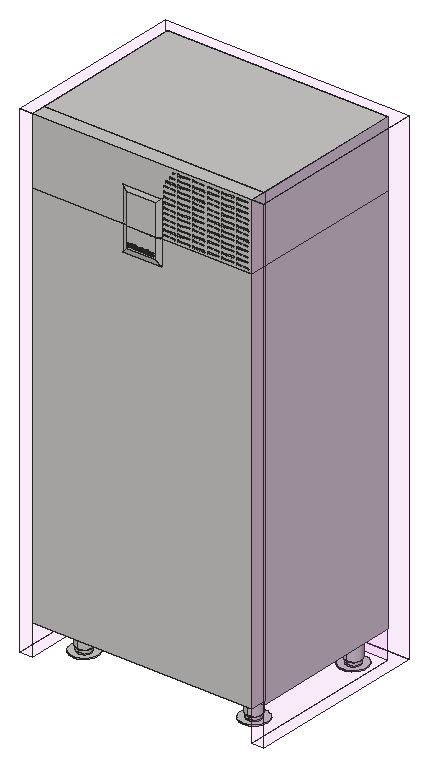
Revit family "QF_ELECTROLUXPROFESSIONAL_691364_PS06R1FM", category Specialty Equipment, Revit 2018
Family settings
  Round Connector Dimension = Use Diameter
  Part Type = Normal
  Work Plane-Based = No
  Always vertical = Yes
  Cut with Voids When Loaded = No
  Shared = No
  Room Calculation Point = No
Parameters (values of type "Standard")
  Weight = 28.8044 lbm
  Watts = 0 W
  Volts = 220 V
  URL Manufacturer = "http://professional.electrolux.com"
  URL = "http://professional.electrolux.com"
  Steam Supply Size = 0"
  Steam Supply Minimum Pressure = 0.00 psi
  Steam Supply Maximum Pressure = 0.00 psi
  Steam Pounds per Hour = 0
  Show Clearance [instance] = yes
  Refrigeration Suction Line Size = 0"
  Refrigeration Liquid Line Size = 0"
  Refrigerant Compressor Remote = yes
  Phase = 1
  Model = "PS06R1FM"
  Manufacturer = "Electrolux Professional"
  Length Actual = 900 mm  # constant formula
  Item Number = "691364"
  Hot Water Size = 0"
  Height Actual = 2040 mm  # constant formula
  HP = "0.4 HP"
  Gas Size = 0"
  Gas KW = 0
  Gas Input Pressure = 0.0 Btu/h
  Direct Waste Size = 0"
  Description = "1-DOOR REFRIGERATOR 720LT,0/+10°, PROSTORE MARINE-R134a"
  Depth Actual = 700 mm  # constant formula
  Cycle = 50 Hz
  Condensate Return Size = 0"
  Compressed Air Volume = 0 GPM
  Compressed Air Size = 0"
  Compressed Air Pressure = 0.00 psi
  Cold Water Size = 0"
  Accessory = yes
Types (2, lengths in mm): name | URL | Phase | Model | Manufacturer | Description
  (no name) | "http://professional.electrolux.com/" | 0 | "RBC201" | "Electrolux" | "BLAST CHILLER 56 KG 20 GN1/1"
  Standard | "http://professional.electrolux.com" | 1 | "PS06R1FM" | "Electrolux Professional" | "1-DOOR REFRIGERATOR 720LT,0/+10°, PROSTORE MARINE-R134a"
Values of the unnamed type that differ from the named types
  Volts = 380 V
  URL Manufacturer = "http://professional.electrolux.com/"
  Item Number = "726624"
Reference planes
  plane 1 "BACK": y = 0
  plane 2: z = 0
  plane 3 "LEFT": x = 0
  plane 4 "RIGHT": x = 900
  plane 5 "FRONT": y = -700
  plane 6 "TOP": z = 2040
  plane 7 "Center Y": x = 450
  plane 8 "Center X": y = -350
  plane 9: x = 102
  plane 10: x = 798
  plane 11: z = 115
  plane 12: z = 86
  plane 13: y = -80
  plane 14: y = -694
  plane 15: y = -1527
  plane 16: y = -630
  plane 17: z = 1770
  plane 18: x = -50
  plane 19: y = 50
  plane 20: x = 950
  plane 21: z = 1995
Forms (mm)
  Extrusion 1, solid, material "QF_Metal - Stainless - Polished"
    sketch origin (0, 0, 0) x (1, 0, 0) y (0, 0, 1)
      loop
        line (0, 1995) -> (0, 1725) -> (900, 1725) -> (900, 1995) -> (0, 1995)
    from 0 to 630
  Extrusion 2, solid, material "QF_Metal - Stainless - Polished"
    sketch origin (0, 0, 0) x (1, 0, 0) y (0, 0, 1)
      loop
        line (0, 1725) -> (0, 115) -> (900, 115) -> (900, 1725) -> (0, 1725)
    from 0 to 630
  Extrusion 3, solid, material "QF_Metal - Stainless - Polished"
    sketch origin (-370, 0, -128) x (1, 0, 0) y (0, 0, 1)
      loop
        circle (450, 1847.083) r 20
    from -7.507 to 0
  Extrusion 4, solid, material "QF_Door-Drawer Clearances", visible <- "Show Clearance", detail levels coarse
    sketch origin (0, 0, 0) x (1, 0, 0) y (0, 1, 0)
      loop
        line (900, -694) -> (0, -694)
        arc (0, -694) -> (275.209, -1299.35) -> (900, -1527) r 859.201
        line (900, -1527) -> (900, -694)
    from 127.536 to 1725
  Extrusion 5, solid, material "QF_Metal - Stainless - Polished"
    sketch origin (0, 130.478, -45) x (1, 0, 0) y (0, 0, 1)
      loop
        line (0, 2040) -> (0, 1770) -> (900, 1770) -> (900, 2040) -> (0, 2040)
    from 760.478 to 824.478
  Extrusion 6, solid, material "QF_Metal - Stainless - Polished"
    sketch origin (0, 140, 0) x (1, 0, 0) y (0, 0, 1)
      loop
        line (0, 1725) -> (0, 127.536) -> (900, 127.536) -> (900, 1725) -> (0, 1725)
    from 834 to 770
  Revolve 7, solid, material "QF_Metal - Stainless - Polished"
    sketch origin (798, -2.833, 0) x (0, 1, 0) y (0, 0, -1)
      loop
        line (-590.954, -115) -> (-553.167, -115) -> (-553.167, 0) -> (-578.757, 0)
        arc (-578.757, 0) -> (-580.973, -2.655) -> (-581.767, -6.021) r 7.527
        line (-581.767, -6.021) -> (-581.767, -17.561) -> (-585.28, -21.074) -> (-585.28, -110.008) -> (-590.954, -110.008) -> (-590.954, -115)
      axis (-553.167, 0) -> (-553.167, -115)
    angle from 0 to 360
  Revolve 8, solid, material "QF_Metal - Stainless - Polished"
    sketch origin (102, -2.833, 0) x (0, 1, 0) y (0, 0, 1)
      loop
        line (-590.954, 115) -> (-590.954, 110.008) -> (-585.28, 110.008) -> (-585.28, 21.074) -> (-581.767, 17.561) -> (-581.767, 6.021)
        arc (-581.767, 6.021) -> (-580.973, 2.655) -> (-578.757, 0) r 7.527
        line (-578.757, 0) -> (-553.167, 0) -> (-553.167, 115) -> (-590.954, 115)
      axis (-553.167, 0) -> (-553.167, 115)
    angle from 0 to 360
  Revolve 9, solid, material "QF_Metal - Stainless - Polished"
    sketch origin (824, -759.167, 0) x (0, -1, 0) y (0, 0, 1)
      loop
        line (-716.954, 115) -> (-716.954, 110.008) -> (-711.28, 110.008) -> (-711.28, 21.074) -> (-707.767, 17.561) -> (-707.767, 6.021)
        arc (-707.767, 6.021) -> (-706.973, 2.655) -> (-704.757, 0) r 7.527
        line (-704.757, 0) -> (-679.167, 0) -> (-679.167, 115) -> (-716.954, 115)
      axis (-679.167, 0) -> (-679.167, 115)
    angle from 0 to 360
  Revolve 10, solid, material "QF_Metal - Stainless - Polished"
    sketch origin (76, -759.167, 0) x (0, -1, 0) y (0, 0, 1)
      loop
        line (-716.954, 115) -> (-716.954, 110.008) -> (-711.28, 110.008) -> (-711.28, 21.074) -> (-707.767, 17.561) -> (-707.767, 6.021)
        arc (-707.767, 6.021) -> (-706.973, 2.655) -> (-704.757, 0) r 7.527
        line (-704.757, 0) -> (-679.167, 0) -> (-679.167, 115) -> (-716.954, 115)
      axis (-679.167, 0) -> (-679.167, 115)
    angle from 0 to 360
  Blend 11, solid, material "QF_Metal - Stainless - Polished"
    base sketch origin (0, -694, 0) x (1, 0, 0) y (0, 0, 1)
      loop
        line (370, 1869.822) -> (370, 1619.822) -> (530, 1619.822) -> (530, 1869.822) -> (370, 1869.822)
    top sketch origin (0, -694, 0) x (1, 0, 0) y (0, 0, 1)
      loop
        line (510, 1849.822) -> (390, 1849.822) -> (390, 1639.822) -> (510, 1639.822) -> (510, 1849.822)
    from 0 to 6
  Extrusion 12, void
    sketch origin (10, -700, 0) x (-1, 0, 0) y (0, 0, 1)
      loop
        line (-370, 1725.997) -> (-530, 1725.997) -> (-530, 1724.003) -> (-370, 1724.003) -> (-370, 1725.997)
    from 0 to 6
  Extrusion 13, solid, material "QF_Door-Drawer Clearances"
    sketch origin (0, 0, 0) x (1, 0, 0) y (0, 1, 0)
      loop
        line (0, -694) -> (0, 0) -> (900, 0) -> (900, -694) -> (950, -694) -> (950, 50) -> (-50, 50) -> (-50, -694) -> (0, -694)
    from 0 to 1995
  Extrusion 14, solid, material "QF_Metal - Stainless - Polished"
    sketch origin (102, -556, 0) x (0, -1, 0) y (-1, 0, 0)
      loop
        circle (0, 0) r 55.59
    from 0 to -1.917
  Extrusion 15, solid, material "QF_Metal - Stainless - Polished"
    sketch origin (76, -80, 0) x (0, -1, 0) y (-1, 0, 0)
      loop
        circle (0, 0) r 55.59
    from 0 to -1.917
  Extrusion 16, solid, material "QF_Metal - Stainless - Polished"
    sketch origin (798, -556, 0) x (0, 1, 0) y (1, 0, 0)
      loop
        circle (0, 0) r 55.59
    from 0 to -1.917
  Extrusion 17, solid, material "QF_Metal - Stainless - Polished"
    sketch origin (824, -80, 0) x (0, 1, 0) y (1, 0, 0)
      loop
        circle (0, 0) r 55.59
    from 0 to -1.917
  Extrusion 18, void
    sketch origin (-140, -700, 0) x (-1, 0, 0) y (0, 0, 1)
      loop
        line (-370, 1725.997) -> (-530, 1725.997) -> (-530, 1724.003) -> (-370, 1724.003) -> (-370, 1725.997)
    from 0 to 6
  Extrusion 19, void
    sketch origin (300, -694, -45) x (-1, 0, 0) y (0, 0, 1)
      loop
        line (-537.804, 1788.817) -> (-587.804, 1788.817) -> (-587.804, 1780.817) -> (-537.804, 1780.817) -> (-537.804, 1788.817)
      loop
        line (-477.804, 1788.817) -> (-527.804, 1788.817) -> (-527.804, 1780.817) -> (-477.804, 1780.817) -> (-477.804, 1788.817)
      loop
        line (-417.804, 1788.817) -> (-467.804, 1788.817) -> (-467.804, 1780.817) -> (-417.804, 1780.817) -> (-417.804, 1788.817)
    from 0 to 2
  Extrusion 20, void
    sketch origin (300, -694, 195) x (-1, 0, 0) y (0, 0, 1)
      loop
        line (-537.804, 1788.817) -> (-587.804, 1788.817) -> (-587.804, 1780.817) -> (-537.804, 1780.817) -> (-537.804, 1788.817)
      loop
        line (-477.804, 1788.817) -> (-527.804, 1788.817) -> (-527.804, 1780.817) -> (-477.804, 1780.817) -> (-477.804, 1788.817)
      loop
        line (-417.804, 1788.817) -> (-467.804, 1788.817) -> (-467.804, 1780.817) -> (-417.804, 1780.817) -> (-417.804, 1788.817)
    from 0 to 2
  Extrusion 21, void
    sketch origin (300, -694, -25) x (-1, 0, 0) y (0, 0, 1)
      loop
        line (-537.804, 1788.817) -> (-587.804, 1788.817) -> (-587.804, 1780.817) -> (-537.804, 1780.817) -> (-537.804, 1788.817)
      loop
        line (-477.804, 1788.817) -> (-527.804, 1788.817) -> (-527.804, 1780.817) -> (-477.804, 1780.817) -> (-477.804, 1788.817)
      loop
        line (-417.804, 1788.817) -> (-467.804, 1788.817) -> (-467.804, 1780.817) -> (-417.804, 1780.817) -> (-417.804, 1788.817)
    from 0 to 2
  Extrusion 22, void
    sketch origin (300, -694, -5) x (-1, 0, 0) y (0, 0, 1)
      loop
        line (-537.804, 1788.817) -> (-587.804, 1788.817) -> (-587.804, 1780.817) -> (-537.804, 1780.817) -> (-537.804, 1788.817)
      loop
        line (-477.804, 1788.817) -> (-527.804, 1788.817) -> (-527.804, 1780.817) -> (-477.804, 1780.817) -> (-477.804, 1788.817)
      loop
        line (-417.804, 1788.817) -> (-467.804, 1788.817) -> (-467.804, 1780.817) -> (-417.804, 1780.817) -> (-417.804, 1788.817)
    from 0 to 2
  Extrusion 23, void
    sketch origin (300, -694, 15) x (-1, 0, 0) y (0, 0, 1)
      loop
        line (-537.804, 1788.817) -> (-587.804, 1788.817) -> (-587.804, 1780.817) -> (-537.804, 1780.817) -> (-537.804, 1788.817)
      loop
        line (-477.804, 1788.817) -> (-527.804, 1788.817) -> (-527.804, 1780.817) -> (-477.804, 1780.817) -> (-477.804, 1788.817)
      loop
        line (-417.804, 1788.817) -> (-467.804, 1788.817) -> (-467.804, 1780.817) -> (-417.804, 1780.817) -> (-417.804, 1788.817)
    from 0 to 2
  Extrusion 24, void
    sketch origin (300, -694, 35) x (-1, 0, 0) y (0, 0, 1)
      loop
        line (-537.804, 1788.817) -> (-587.804, 1788.817) -> (-587.804, 1780.817) -> (-537.804, 1780.817) -> (-537.804, 1788.817)
      loop
        line (-477.804, 1788.817) -> (-527.804, 1788.817) -> (-527.804, 1780.817) -> (-477.804, 1780.817) -> (-477.804, 1788.817)
      loop
        line (-417.804, 1788.817) -> (-467.804, 1788.817) -> (-467.804, 1780.817) -> (-417.804, 1780.817) -> (-417.804, 1788.817)
    from 0 to 2
  Extrusion 25, void
    sketch origin (300, -694, 55) x (-1, 0, 0) y (0, 0, 1)
      loop
        line (-537.804, 1788.817) -> (-587.804, 1788.817) -> (-587.804, 1780.817) -> (-537.804, 1780.817) -> (-537.804, 1788.817)
      loop
        line (-477.804, 1788.817) -> (-527.804, 1788.817) -> (-527.804, 1780.817) -> (-477.804, 1780.817) -> (-477.804, 1788.817)
      loop
        line (-417.804, 1788.817) -> (-467.804, 1788.817) -> (-467.804, 1780.817) -> (-417.804, 1780.817) -> (-417.804, 1788.817)
    from 0 to 2
  Extrusion 26, void
    sketch origin (300, -694, 75) x (-1, 0, 0) y (0, 0, 1)
      loop
        line (-537.804, 1788.817) -> (-587.804, 1788.817) -> (-587.804, 1780.817) -> (-537.804, 1780.817) -> (-537.804, 1788.817)
      loop
        line (-477.804, 1788.817) -> (-527.804, 1788.817) -> (-527.804, 1780.817) -> (-477.804, 1780.817) -> (-477.804, 1788.817)
      loop
        line (-417.804, 1788.817) -> (-467.804, 1788.817) -> (-467.804, 1780.817) -> (-417.804, 1780.817) -> (-417.804, 1788.817)
    from 0 to 2
  Extrusion 27, void
    sketch origin (300, -694, 95) x (-1, 0, 0) y (0, 0, 1)
      loop
        line (-537.804, 1788.817) -> (-587.804, 1788.817) -> (-587.804, 1780.817) -> (-537.804, 1780.817) -> (-537.804, 1788.817)
      loop
        line (-477.804, 1788.817) -> (-527.804, 1788.817) -> (-527.804, 1780.817) -> (-477.804, 1780.817) -> (-477.804, 1788.817)
      loop
        line (-417.804, 1788.817) -> (-467.804, 1788.817) -> (-467.804, 1780.817) -> (-417.804, 1780.817) -> (-417.804, 1788.817)
    from 0 to 2
  Extrusion 28, void
    sketch origin (300, -694, 115) x (-1, 0, 0) y (0, 0, 1)
      loop
        line (-537.804, 1788.817) -> (-587.804, 1788.817) -> (-587.804, 1780.817) -> (-537.804, 1780.817) -> (-537.804, 1788.817)
      loop
        line (-477.804, 1788.817) -> (-527.804, 1788.817) -> (-527.804, 1780.817) -> (-477.804, 1780.817) -> (-477.804, 1788.817)
      loop
        line (-417.804, 1788.817) -> (-467.804, 1788.817) -> (-467.804, 1780.817) -> (-417.804, 1780.817) -> (-417.804, 1788.817)
    from 0 to 2
  Extrusion 29, void
    sketch origin (300, -694, 135) x (-1, 0, 0) y (0, 0, 1)
      loop
        line (-537.804, 1788.817) -> (-587.804, 1788.817) -> (-587.804, 1780.817) -> (-537.804, 1780.817) -> (-537.804, 1788.817)
      loop
        line (-477.804, 1788.817) -> (-527.804, 1788.817) -> (-527.804, 1780.817) -> (-477.804, 1780.817) -> (-477.804, 1788.817)
      loop
        line (-417.804, 1788.817) -> (-467.804, 1788.817) -> (-467.804, 1780.817) -> (-417.804, 1780.817) -> (-417.804, 1788.817)
    from 0 to 2
  Extrusion 30, void
    sketch origin (300, -694, 155) x (-1, 0, 0) y (0, 0, 1)
      loop
        line (-537.804, 1788.817) -> (-587.804, 1788.817) -> (-587.804, 1780.817) -> (-537.804, 1780.817) -> (-537.804, 1788.817)
      loop
        line (-477.804, 1788.817) -> (-527.804, 1788.817) -> (-527.804, 1780.817) -> (-477.804, 1780.817) -> (-477.804, 1788.817)
      loop
        line (-417.804, 1788.817) -> (-467.804, 1788.817) -> (-467.804, 1780.817) -> (-417.804, 1780.817) -> (-417.804, 1788.817)
    from 0 to 2
  Extrusion 31, void
    sketch origin (300, -694, 175) x (-1, 0, 0) y (0, 0, 1)
      loop
        line (-537.804, 1788.817) -> (-587.804, 1788.817) -> (-587.804, 1780.817) -> (-537.804, 1780.817) -> (-537.804, 1788.817)
      loop
        line (-477.804, 1788.817) -> (-527.804, 1788.817) -> (-527.804, 1780.817) -> (-477.804, 1780.817) -> (-477.804, 1788.817)
      loop
        line (-417.804, 1788.817) -> (-467.804, 1788.817) -> (-467.804, 1780.817) -> (-417.804, 1780.817) -> (-417.804, 1788.817)
    from 0 to 2
  Extrusion 32, void
    sketch origin (120, -694, -45) x (-1, 0, 0) y (0, 0, 1)
      loop
        line (-537.804, 1788.817) -> (-587.804, 1788.817) -> (-587.804, 1780.817) -> (-537.804, 1780.817) -> (-537.804, 1788.817)
      loop
        line (-477.804, 1788.817) -> (-527.804, 1788.817) -> (-527.804, 1780.817) -> (-477.804, 1780.817) -> (-477.804, 1788.817)
      loop
        line (-417.804, 1788.817) -> (-467.804, 1788.817) -> (-467.804, 1780.817) -> (-417.804, 1780.817) -> (-417.804, 1788.817)
    from 0 to 2
  Extrusion 33, void
    sketch origin (120, -694, 195) x (-1, 0, 0) y (0, 0, 1)
      loop
        line (-537.804, 1788.817) -> (-587.804, 1788.817) -> (-587.804, 1780.817) -> (-537.804, 1780.817) -> (-537.804, 1788.817)
      loop
        line (-477.804, 1788.817) -> (-527.804, 1788.817) -> (-527.804, 1780.817) -> (-477.804, 1780.817) -> (-477.804, 1788.817)
      loop
        line (-453.929, 1788.817) -> (-467.804, 1788.817) -> (-467.804, 1780.817) -> (-453.929, 1780.817) -> (-453.929, 1788.817)
    from 0 to 2
  Extrusion 34, void
    sketch origin (120, -694, -25) x (-1, 0, 0) y (0, 0, 1)
      loop
        line (-537.804, 1788.817) -> (-587.804, 1788.817) -> (-587.804, 1780.817) -> (-537.804, 1780.817) -> (-537.804, 1788.817)
      loop
        line (-477.804, 1788.817) -> (-527.804, 1788.817) -> (-527.804, 1780.817) -> (-477.804, 1780.817) -> (-477.804, 1788.817)
      loop
        line (-417.804, 1788.817) -> (-467.804, 1788.817) -> (-467.804, 1780.817) -> (-417.804, 1780.817) -> (-417.804, 1788.817)
    from 0 to 2
  Extrusion 35, void
    sketch origin (120, -694, -5) x (-1, 0, 0) y (0, 0, 1)
      loop
        line (-537.804, 1788.817) -> (-587.804, 1788.817) -> (-587.804, 1780.817) -> (-537.804, 1780.817) -> (-537.804, 1788.817)
      loop
        line (-477.804, 1788.817) -> (-527.804, 1788.817) -> (-527.804, 1780.817) -> (-477.804, 1780.817) -> (-477.804, 1788.817)
      loop
        line (-417.804, 1788.817) -> (-467.804, 1788.817) -> (-467.804, 1780.817) -> (-417.804, 1780.817) -> (-417.804, 1788.817)
    from 0 to 2
  Extrusion 36, void
    sketch origin (120, -694, 15) x (-1, 0, 0) y (0, 0, 1)
      loop
        line (-537.804, 1788.817) -> (-587.804, 1788.817) -> (-587.804, 1780.817) -> (-537.804, 1780.817) -> (-537.804, 1788.817)
      loop
        line (-477.804, 1788.817) -> (-527.804, 1788.817) -> (-527.804, 1780.817) -> (-477.804, 1780.817) -> (-477.804, 1788.817)
      loop
        line (-417.804, 1788.817) -> (-467.804, 1788.817) -> (-467.804, 1780.817) -> (-417.804, 1780.817) -> (-417.804, 1788.817)
    from 0 to 2
  Extrusion 37, void
    sketch origin (120, -694, 35) x (-1, 0, 0) y (0, 0, 1)
      loop
        line (-537.804, 1788.817) -> (-587.804, 1788.817) -> (-587.804, 1780.817) -> (-537.804, 1780.817) -> (-537.804, 1788.817)
      loop
        line (-477.804, 1788.817) -> (-527.804, 1788.817) -> (-527.804, 1780.817) -> (-477.804, 1780.817) -> (-477.804, 1788.817)
      loop
        line (-417.804, 1788.817) -> (-467.804, 1788.817) -> (-467.804, 1780.817) -> (-417.804, 1780.817) -> (-417.804, 1788.817)
    from 0 to 2
  Extrusion 38, void
    sketch origin (120, -694, 55) x (-1, 0, 0) y (0, 0, 1)
      loop
        line (-537.804, 1788.817) -> (-587.804, 1788.817) -> (-587.804, 1780.817) -> (-537.804, 1780.817) -> (-537.804, 1788.817)
      loop
        line (-477.804, 1788.817) -> (-527.804, 1788.817) -> (-527.804, 1780.817) -> (-477.804, 1780.817) -> (-477.804, 1788.817)
      loop
        line (-417.804, 1788.817) -> (-467.804, 1788.817) -> (-467.804, 1780.817) -> (-417.804, 1780.817) -> (-417.804, 1788.817)
    from 0 to 2
  Extrusion 39, void
    sketch origin (120, -694, 75) x (-1, 0, 0) y (0, 0, 1)
      loop
        line (-537.804, 1788.817) -> (-587.804, 1788.817) -> (-587.804, 1780.817) -> (-537.804, 1780.817) -> (-537.804, 1788.817)
      loop
        line (-477.804, 1788.817) -> (-527.804, 1788.817) -> (-527.804, 1780.817) -> (-477.804, 1780.817) -> (-477.804, 1788.817)
      loop
        line (-417.804, 1788.817) -> (-467.804, 1788.817) -> (-467.804, 1780.817) -> (-417.804, 1780.817) -> (-417.804, 1788.817)
    from 0 to 2
  Extrusion 40, void
    sketch origin (120, -694, 95) x (-1, 0, 0) y (0, 0, 1)
      loop
        line (-537.804, 1788.817) -> (-587.804, 1788.817) -> (-587.804, 1780.817) -> (-537.804, 1780.817) -> (-537.804, 1788.817)
      loop
        line (-477.804, 1788.817) -> (-527.804, 1788.817) -> (-527.804, 1780.817) -> (-477.804, 1780.817) -> (-477.804, 1788.817)
      loop
        line (-417.804, 1788.817) -> (-467.804, 1788.817) -> (-467.804, 1780.817) -> (-417.804, 1780.817) -> (-417.804, 1788.817)
    from 0 to 2
  Extrusion 41, void
    sketch origin (120, -694, 115) x (-1, 0, 0) y (0, 0, 1)
      loop
        line (-537.804, 1788.817) -> (-587.804, 1788.817) -> (-587.804, 1780.817) -> (-537.804, 1780.817) -> (-537.804, 1788.817)
      loop
        line (-477.804, 1788.817) -> (-527.804, 1788.817) -> (-527.804, 1780.817) -> (-477.804, 1780.817) -> (-477.804, 1788.817)
      loop
        line (-417.804, 1788.817) -> (-467.804, 1788.817) -> (-467.804, 1780.817) -> (-417.804, 1780.817) -> (-417.804, 1788.817)
    from 0 to 2
  Extrusion 42, void
    sketch origin (120, -694, 135) x (-1, 0, 0) y (0, 0, 1)
      loop
        line (-537.804, 1788.817) -> (-587.804, 1788.817) -> (-587.804, 1780.817) -> (-537.804, 1780.817) -> (-537.804, 1788.817)
      loop
        line (-477.804, 1788.817) -> (-527.804, 1788.817) -> (-527.804, 1780.817) -> (-477.804, 1780.817) -> (-477.804, 1788.817)
      loop
        line (-417.804, 1788.817) -> (-467.804, 1788.817) -> (-467.804, 1780.817) -> (-417.804, 1780.817) -> (-417.804, 1788.817)
    from 0 to 2
  Extrusion 43, void
    sketch origin (120, -694, 155) x (-1, 0, 0) y (0, 0, 1)
      loop
        line (-537.804, 1788.817) -> (-587.804, 1788.817) -> (-587.804, 1780.817) -> (-537.804, 1780.817) -> (-537.804, 1788.817)
      loop
        line (-477.804, 1788.817) -> (-527.804, 1788.817) -> (-527.804, 1780.817) -> (-477.804, 1780.817) -> (-477.804, 1788.817)
      loop
        line (-426.702, 1788.817) -> (-467.804, 1788.817) -> (-467.804, 1780.817) -> (-426.702, 1780.817) -> (-426.702, 1788.817)
    from 0 to 2
  Extrusion 44, void
    sketch origin (120, -694, 175) x (-1, 0, 0) y (0, 0, 1)
      loop
        line (-537.804, 1788.817) -> (-587.804, 1788.817) -> (-587.804, 1780.817) -> (-537.804, 1780.817) -> (-537.804, 1788.817)
      loop
        line (-477.804, 1788.817) -> (-527.804, 1788.817) -> (-527.804, 1780.817) -> (-477.804, 1780.817) -> (-477.804, 1788.817)
      loop
        line (-441.24, 1788.817) -> (-467.804, 1788.817) -> (-467.804, 1780.817) -> (-441.24, 1780.817) -> (-441.24, 1788.817)
    from 0 to 2
Cuts and joins
  Extrusion 12 cuts Extrusion 1
  Extrusion 12 cuts Extrusion 2
  Extrusion 12, Extrusion 18, Extrusion 19, Extrusion 20, Extrusion 21, Extrusion 22, Extrusion 23, Extrusion 24, Extrusion 25, Extrusion 26, Extrusion 27, Extrusion 28, Extrusion 29, Extrusion 30, Extrusion 31, Extrusion 32, Extrusion 33, Extrusion 34, Extrusion 35, Extrusion 36, Extrusion 37, Extrusion 38, Extrusion 39, Extrusion 40, Extrusion 41, Extrusion 42, Extrusion 43, Extrusion 44 cuts Extrusion 5
  Extrusion 12, Extrusion 18 cuts Extrusion 6
  Extrusion 12, Extrusion 18, Extrusion 19, Extrusion 21, Extrusion 22, Extrusion 23, Extrusion 24, Extrusion 25, Extrusion 26 cuts Blend 11
  Extrusion 18 cuts Extrusion 4
Lines and regions (mm)
  Split face 1
    outline origin (0, -700, 0) x (1, 0, 0) y (0, 0, 1)
      loop
        line (415, 1849.822) -> (415, 1697.499) -> (485, 1697.499) -> (485, 1849.822)
  symbolic lines
    curve 1: line (0, 0, 0) -> (900, 0, 0)
    curve 2: line (0, -694, 0) -> (0, 0, 0)
    curve 3: line (900, -694, 0) -> (0, -694, 0)
    curve 4: line (900, 0, 0) -> (900, -694, 0)
    curve 5: line (0, -630, 0) -> (900, -630, 0)
    curve 6: line (370, -694, 0) -> (390, -700, 0)
    curve 7: line (390, -700, 0) -> (510, -700, 0)
    curve 8: line (510, -700, 0) -> (530, -694, 0)
  symbolic lines, style "QF_Door-Drawer Clearances"
    curve 9: arc (0, -694, 0) -> (275.209, -1299.35, 0) -> (900, -1527, 0) r 859.201
    curve 10: line (900, -1527, 0) -> (900, -694, 0)
    curve 11: line (0, -694, 0) -> (-50, -694, 0)
    curve 12: line (-50, -694, 0) -> (-50, 50, 0)
    curve 13: line (-50, 50, 0) -> (950, 50, 0)
    curve 14: line (950, 50, 0) -> (950, -694, 0)
    curve 15: line (950, -694, 0) -> (900, -694, 0)
Dimensions and locks
  equal spacing: plane 3 "LEFT", plane 7 "Center Y", plane 4 "RIGHT"
  plane 3 "LEFT" to plane 4 "RIGHT" = 900 mm
  equal spacing: plane 5 "FRONT", plane 8 "Center X", plane 1 "BACK"
  plane 5 "FRONT" to plane 1 "BACK" = 700 mm
  plane 6 "TOP" to level = 2040 mm
  plane 9 to plane 3 "LEFT" = 102 mm
  plane 10 to plane 4 "RIGHT" = 102 mm
  plane 10 to plane 9 = 696 mm
  plane 11 to level = 115 mm
  plane 12 to plane 11 = 29 mm
  plane 1 "BACK" to plane 13 = 80 mm
  plane 15 to plane 1 "BACK" = 1527 mm
  plane 3 "LEFT" to Extrusion 4 = 900 mm
  plane 11 to plane 2 = 115 mm
  plane 1 "BACK" to plane 16 = 630 mm
  plane 18 to plane 3 "LEFT" = 50 mm
  plane 4 "RIGHT" to plane 20 = 50 mm
  plane 1 "BACK" to plane 19 = 50 mm
  plane 21 to level = 1995 mm
  aligned and locked: level to plane 2
  aligned and locked: Extrusion 5 to plane 4 "RIGHT"
  aligned and locked: Extrusion 5 to plane 3 "LEFT"
  aligned and locked: plane 5 "FRONT" to Blend 11
Automatic sketch dimensions
  curve 13 to plane 18 = 0 mm
  curve 3 to plane 3 "LEFT" = 0 mm
  plane 14 to curve 6 = 0 mm
  plane 5 "FRONT" to curve 7 = 0 mm
  curve 9 to plane 4 "RIGHT" = 0 mm
  curve 5 to plane 4 "RIGHT" = 0 mm
  curve 14 to plane 20 = 0 mm
  curve 10 to plane 15 = 0 mm
  curve 5 to plane 16 = 0 mm
  plane 1 "BACK" to curve 4 = 0 mm
  curve 13 to plane 19 = 0 mm
  curve 7 to plane 7 "Center Y" = 60 mm
  plane 7 "Center Y" to curve 8 = 60 mm
  curve 9 to plane 14 = 25.214 mm
  curve 6 to curve 6 = 20 mm
  curve 7 to curve 8 = 20 mm
  Extrusion 1 sketch curve to plane 3 "LEFT" = 0 mm
  plane 4 "RIGHT" to Extrusion 1 sketch curve = 0 mm
  Extrusion 1 sketch curve to plane 21 = 0 mm
  Extrusion 1 sketch curve to plane 17 = 45 mm
  Extrusion 2 sketch curve to plane 3 "LEFT" = 0 mm
  plane 4 "RIGHT" to Extrusion 2 sketch curve = 0 mm
  Extrusion 2 sketch curve to plane 11 = 0 mm
  Extrusion 2 sketch curve to plane 17 = 45 mm
  Extrusion 3 sketch curve to plane 9 = 22 mm
  Extrusion 3 sketch curve to plane 17 = 50.917 mm
  Extrusion 4 sketch curve to plane 3 "LEFT" = 0 mm
  Extrusion 4 sketch curve to plane 4 "RIGHT" = 0 mm
  Extrusion 4 sketch curve to plane 15 = 0 mm
  plane 14 to Extrusion 4 sketch curve = 0 mm
  Extrusion 4 sketch curve to plane 14 = 25.214 mm
  Extrusion 5 sketch curve to plane 3 "LEFT" = 0 mm
  plane 4 "RIGHT" to Extrusion 5 sketch curve = 0 mm
  Extrusion 5 sketch curve to plane 21 = 0 mm
  Extrusion 5 sketch curve to plane 17 = 45 mm
  Extrusion 6 sketch curve to plane 3 "LEFT" = 0 mm
  plane 4 "RIGHT" to Extrusion 6 sketch curve = 0 mm
  plane 11 to Extrusion 6 sketch curve = 12.536 mm
  Extrusion 6 sketch curve to plane 17 = 45 mm
  plane 11 to Revolve 7 sketch curve = 0 mm
  Revolve 7 sketch curve to level = 0 mm
  plane 16 to Revolve 7 sketch curve = 36.213 mm
  Revolve 7 sketch curve to Revolve 7 sketch curve = 5.674 mm
  Revolve 7 sketch curve to Revolve 7 sketch curve = 3.513 mm  (x2)
  Revolve 7 sketch curve to Revolve 7 sketch curve = 3.01 mm
  level to Revolve 7 sketch curve = 6.021 mm
  Revolve 7 sketch curve to Revolve 7 sketch curve = 21.073 mm
  Revolve 7 sketch curve to plane 11 = 4.992 mm  (x2)
  Revolve 7 sketch curve to Revolve 7 sketch curve = 15.053 mm
  Revolve 7 sketch curve to Revolve 7 sketch curve = 0 mm
  Revolve 7 sketch curve to Revolve 7 sketch curve = 20.008 mm
  Revolve 8 sketch curve to plane 11 = 0 mm
  Revolve 8 sketch curve to level = 0 mm
  plane 16 to Revolve 8 sketch curve = 36.213 mm
  Revolve 8 sketch curve to Revolve 8 sketch curve = 5.674 mm
  Revolve 8 sketch curve to Revolve 8 sketch curve = 3.513 mm  (x2)
  Revolve 8 sketch curve to Revolve 8 sketch curve = 3.01 mm
  level to Revolve 8 sketch curve = 6.021 mm
  Revolve 8 sketch curve to Revolve 8 sketch curve = 21.073 mm
  Revolve 8 sketch curve to Revolve 8 sketch curve = 11.54 mm
  Revolve 8 sketch curve to plane 11 = 4.992 mm
  Revolve 8 sketch curve to Revolve 8 sketch curve = 0 mm
  Revolve 8 sketch curve to Revolve 8 sketch curve = 4.992 mm
  plane 11 to Revolve 8 sketch curve = 20.008 mm
  Revolve 9 sketch curve to plane 11 = 0 mm
  Revolve 9 sketch curve to level = 0 mm
  Revolve 9 sketch curve to plane 13 = 0 mm  (x2)
  level to Revolve 9 sketch curve = 6.021 mm
  Revolve 9 sketch curve to plane 13 = 21.073 mm
  Revolve 9 sketch curve to Revolve 9 sketch curve = 4.517 mm
  Revolve 9 sketch curve to Revolve 9 sketch curve = 3.513 mm  (x2)
  Revolve 9 sketch curve to Revolve 9 sketch curve = 5.674 mm
  Revolve 9 sketch curve to Revolve 9 sketch curve = 11.54 mm
  Revolve 9 sketch curve to plane 11 = 4.992 mm
  Revolve 9 sketch curve to Revolve 9 sketch curve = 4.992 mm
  plane 11 to Revolve 9 sketch curve = 20.008 mm
  Revolve 10 sketch curve to plane 11 = 0 mm
  Revolve 10 sketch curve to level = 0 mm
  Revolve 10 sketch curve to plane 13 = 0 mm  (x2)
  Revolve 10 sketch curve to level = 6.021 mm
  plane 13 to Revolve 10 sketch curve = 21.073 mm
  Revolve 10 sketch curve to Revolve 10 sketch curve = 4.517 mm
  Revolve 10 sketch curve to Revolve 10 sketch curve = 3.513 mm  (x2)
  Revolve 10 sketch curve to Revolve 10 sketch curve = 5.674 mm
  Revolve 10 sketch curve to Revolve 10 sketch curve = 11.54 mm
  plane 11 to Revolve 10 sketch curve = 4.992 mm  (x2)
  Revolve 10 sketch curve to Revolve 10 sketch curve = 20.008 mm
  Blend 11 sketch curve to Extrusion 6 = 105.178 mm
  Blend 11 sketch curve to Extrusion 6 = 370 mm
  Blend 11 sketch curve to Blend 11 sketch curve = 160 mm
  Extrusion 6 to Blend 11 sketch curve = 144.822 mm
  Extrusion 6 to Blend 11 sketch curve = 124.822 mm
  Blend 11 sketch curve to Extrusion 6 = 390 mm
  Blend 11 sketch curve to Blend 11 sketch curve = 120 mm
  Blend 11 sketch curve to Extrusion 6 = 85.178 mm
  Split face 1 sketch curve to Blend 11 = 0 mm  (x2)
  Split face 1 sketch curve to Blend 11 = 25 mm  (x2)
  Split face 1 sketch curve to Blend 11 = 57.677 mm
  Extrusion 12 sketch curve to Blend 11 = 30 mm
  Extrusion 12 sketch curve to Blend 11 = 10 mm
  Blend 11 to Extrusion 12 sketch curve = 84.181 mm
  Extrusion 12 sketch curve to Extrusion 12 sketch curve = 1.995 mm
  plane 14 to Extrusion 13 sketch curve = 0 mm  (x2)
  Extrusion 13 sketch curve to plane 18 = 0 mm
  Extrusion 13 sketch curve to plane 3 "LEFT" = 0 mm
  Extrusion 13 sketch curve to plane 4 "RIGHT" = 0 mm
  Extrusion 13 sketch curve to plane 19 = 0 mm
  Extrusion 13 sketch curve to plane 20 = 0 mm
  plane 1 "BACK" to Extrusion 13 sketch curve = 0 mm
  Extrusion 14 sketch curve to Extrusion 14 sketch curve = 0 mm  (x2)
  Extrusion 14 sketch curve to plane 9 = 0 mm
  plane 16 to Extrusion 14 sketch curve = 74 mm
  Extrusion 14 sketch curve to Extrusion 14 sketch curve = 55.59 mm
  Extrusion 15 sketch curve to Extrusion 15 sketch curve = 0 mm  (x2)
  plane 13 to Extrusion 15 sketch curve = 0 mm
  Extrusion 15 sketch curve to plane 9 = 26 mm
  plane 1 "BACK" to Extrusion 15 sketch curve = 24.41 mm
  Extrusion 16 sketch curve to Extrusion 16 sketch curve = 0 mm  (x2)
  Extrusion 16 sketch curve to plane 10 = 0 mm
  plane 16 to Extrusion 16 sketch curve = 74 mm
  plane 16 to Extrusion 16 sketch curve = 18.41 mm
  Extrusion 17 sketch curve to Extrusion 17 sketch curve = 0 mm  (x2)
  plane 13 to Extrusion 17 sketch curve = 0 mm
  Extrusion 17 sketch curve to plane 10 = 26 mm
  Extrusion 17 sketch curve to Extrusion 17 sketch curve = 55.59 mm
  Extrusion 18 sketch curve to plane 7 "Center Y" = 60 mm
  Extrusion 18 sketch curve to plane 17 = 45.997 mm
  plane 9 to Extrusion 18 sketch curve = 128 mm
  Extrusion 18 sketch curve to Extrusion 18 sketch curve = 1.995 mm
  plane 4 "RIGHT" to Extrusion 19 sketch curve = 12.196 mm
  Extrusion 19 sketch curve to plane 10 = 39.804 mm
  Extrusion 19 sketch curve to Extrusion 19 sketch curve = 10 mm  (x2)
  plane 10 to Extrusion 19 sketch curve = 20.196 mm
  Extrusion 19 sketch curve to Extrusion 19 sketch curve = 50 mm
  Extrusion 19 sketch curve to plane 17 = 34.183 mm  (x2)
  Extrusion 19 sketch curve to Extrusion 19 sketch curve = 0 mm
  Extrusion 19 sketch curve to Extrusion 19 sketch curve = 8 mm  (x3)
  plane 4 "RIGHT" to Extrusion 20 sketch curve = 12.196 mm
  Extrusion 20 sketch curve to plane 10 = 39.804 mm
  Extrusion 20 sketch curve to Extrusion 20 sketch curve = 10 mm  (x2)
  plane 10 to Extrusion 20 sketch curve = 20.196 mm
  Extrusion 20 sketch curve to Extrusion 20 sketch curve = 50 mm
  Extrusion 20 sketch curve to plane 21 = 19.183 mm  (x2)
  Extrusion 20 sketch curve to Extrusion 20 sketch curve = 0 mm
  Extrusion 20 sketch curve to Extrusion 20 sketch curve = 8 mm  (x3)
  Extrusion 21 sketch curve to plane 17 = 6.183 mm  (x3)
  plane 4 "RIGHT" to Extrusion 21 sketch curve = 12.196 mm
  Extrusion 21 sketch curve to plane 17 = 14.183 mm  (x3)
  Extrusion 21 sketch curve to plane 10 = 39.804 mm
  Extrusion 21 sketch curve to Extrusion 21 sketch curve = 10 mm  (x2)
  plane 10 to Extrusion 21 sketch curve = 20.196 mm
  Extrusion 21 sketch curve to Extrusion 21 sketch curve = 50 mm
  plane 4 "RIGHT" to Extrusion 22 sketch curve = 12.196 mm
  plane 17 to Extrusion 22 sketch curve = 5.817 mm  (x3)
  Extrusion 22 sketch curve to plane 10 = 39.804 mm
  Extrusion 22 sketch curve to Extrusion 22 sketch curve = 10 mm  (x2)
  plane 10 to Extrusion 22 sketch curve = 20.196 mm
  Extrusion 22 sketch curve to Extrusion 22 sketch curve = 50 mm
  Extrusion 22 sketch curve to Extrusion 22 sketch curve = 8 mm  (x3)
  plane 4 "RIGHT" to Extrusion 23 sketch curve = 12.196 mm
  Extrusion 23 sketch curve to plane 10 = 39.804 mm
  Extrusion 23 sketch curve to Extrusion 23 sketch curve = 10 mm  (x2)
  plane 10 to Extrusion 23 sketch curve = 20.196 mm
  Extrusion 23 sketch curve to Extrusion 23 sketch curve = 50 mm
  plane 17 to Extrusion 23 sketch curve = 25.817 mm  (x2)
  Extrusion 23 sketch curve to Extrusion 23 sketch curve = 0 mm
  Extrusion 23 sketch curve to Extrusion 23 sketch curve = 8 mm  (x3)
  plane 4 "RIGHT" to Extrusion 24 sketch curve = 12.196 mm
  Extrusion 24 sketch curve to plane 10 = 39.804 mm
  Extrusion 24 sketch curve to Extrusion 24 sketch curve = 10 mm  (x2)
  plane 10 to Extrusion 24 sketch curve = 20.196 mm
  Extrusion 24 sketch curve to Extrusion 24 sketch curve = 50 mm
  plane 17 to Extrusion 24 sketch curve = 45.817 mm  (x2)
  Extrusion 24 sketch curve to Extrusion 24 sketch curve = 0 mm
  Extrusion 24 sketch curve to Extrusion 24 sketch curve = 8 mm  (x3)
  plane 4 "RIGHT" to Extrusion 25 sketch curve = 12.196 mm
  Extrusion 25 sketch curve to plane 10 = 39.804 mm
  Extrusion 25 sketch curve to Extrusion 25 sketch curve = 10 mm  (x2)
  plane 10 to Extrusion 25 sketch curve = 20.196 mm
  Extrusion 25 sketch curve to Extrusion 25 sketch curve = 50 mm
  plane 17 to Extrusion 25 sketch curve = 65.817 mm
  Extrusion 25 sketch curve to Extrusion 25 sketch curve = 0 mm  (x2)
  Extrusion 25 sketch curve to Extrusion 25 sketch curve = 8 mm  (x3)
  plane 4 "RIGHT" to Extrusion 26 sketch curve = 12.196 mm
  Extrusion 26 sketch curve to plane 10 = 39.804 mm
  Extrusion 26 sketch curve to Extrusion 26 sketch curve = 10 mm  (x2)
  plane 10 to Extrusion 26 sketch curve = 20.196 mm
  Extrusion 26 sketch curve to Extrusion 26 sketch curve = 50 mm
  plane 17 to Extrusion 26 sketch curve = 85.817 mm
  Extrusion 26 sketch curve to Extrusion 26 sketch curve = 0 mm  (x2)
  Extrusion 26 sketch curve to Extrusion 26 sketch curve = 8 mm  (x3)
  plane 4 "RIGHT" to Extrusion 27 sketch curve = 12.196 mm
  Extrusion 27 sketch curve to plane 10 = 39.804 mm
  Extrusion 27 sketch curve to Extrusion 27 sketch curve = 10 mm  (x2)
  plane 10 to Extrusion 27 sketch curve = 20.196 mm
  Extrusion 27 sketch curve to Extrusion 27 sketch curve = 50 mm
  plane 17 to Extrusion 27 sketch curve = 105.817 mm
  Extrusion 27 sketch curve to Extrusion 27 sketch curve = 0 mm  (x2)
  Extrusion 27 sketch curve to Extrusion 27 sketch curve = 8 mm  (x3)
  plane 4 "RIGHT" to Extrusion 28 sketch curve = 12.196 mm
  Extrusion 28 sketch curve to plane 10 = 39.804 mm
  Extrusion 28 sketch curve to Extrusion 28 sketch curve = 10 mm  (x2)
  plane 10 to Extrusion 28 sketch curve = 20.196 mm
  Extrusion 28 sketch curve to Extrusion 28 sketch curve = 50 mm
  Extrusion 28 sketch curve to plane 21 = 99.183 mm
  Extrusion 28 sketch curve to Extrusion 28 sketch curve = 0 mm  (x2)
  Extrusion 28 sketch curve to Extrusion 28 sketch curve = 8 mm  (x3)
  plane 4 "RIGHT" to Extrusion 29 sketch curve = 12.196 mm
  Extrusion 29 sketch curve to plane 10 = 39.804 mm
  Extrusion 29 sketch curve to Extrusion 29 sketch curve = 10 mm  (x2)
  plane 10 to Extrusion 29 sketch curve = 20.196 mm
  Extrusion 29 sketch curve to Extrusion 29 sketch curve = 50 mm
  Extrusion 29 sketch curve to plane 21 = 79.183 mm
  Extrusion 29 sketch curve to Extrusion 29 sketch curve = 0 mm  (x2)
  Extrusion 29 sketch curve to Extrusion 29 sketch curve = 8 mm  (x3)
  plane 4 "RIGHT" to Extrusion 30 sketch curve = 12.196 mm
  Extrusion 30 sketch curve to plane 10 = 39.804 mm
  Extrusion 30 sketch curve to Extrusion 30 sketch curve = 10 mm  (x2)
  plane 10 to Extrusion 30 sketch curve = 20.196 mm
  Extrusion 30 sketch curve to Extrusion 30 sketch curve = 50 mm
  Extrusion 30 sketch curve to plane 21 = 59.183 mm
  Extrusion 30 sketch curve to Extrusion 30 sketch curve = 0 mm  (x2)
  Extrusion 30 sketch curve to Extrusion 30 sketch curve = 8 mm  (x3)
  plane 4 "RIGHT" to Extrusion 31 sketch curve = 12.196 mm
  Extrusion 31 sketch curve to plane 10 = 39.804 mm
  Extrusion 31 sketch curve to Extrusion 31 sketch curve = 10 mm  (x2)
  plane 10 to Extrusion 31 sketch curve = 20.196 mm
  Extrusion 31 sketch curve to Extrusion 31 sketch curve = 50 mm
  Extrusion 31 sketch curve to plane 21 = 39.183 mm
  Extrusion 31 sketch curve to Extrusion 31 sketch curve = 0 mm  (x2)
  Extrusion 31 sketch curve to Extrusion 31 sketch curve = 8 mm  (x3)
  Extrusion 32 sketch curve to plane 17 = 26.183 mm  (x2)
  plane 10 to Extrusion 32 sketch curve = 90.196 mm
  Extrusion 32 sketch curve to Extrusion 32 sketch curve = 50 mm  (x3)
  Extrusion 32 sketch curve to Extrusion 32 sketch curve = 10 mm  (x2)
  Extrusion 32 sketch curve to Extrusion 32 sketch curve = 0 mm
  Extrusion 32 sketch curve to Extrusion 32 sketch curve = 8 mm  (x3)
  Extrusion 33 sketch curve to plane 21 = 11.183 mm
  plane 10 to Extrusion 33 sketch curve = 90.196 mm
  Extrusion 33 sketch curve to plane 21 = 19.183 mm  (x3)
  Extrusion 33 sketch curve to Extrusion 33 sketch curve = 50 mm  (x2)
  Extrusion 33 sketch curve to Extrusion 33 sketch curve = 10 mm  (x2)
  Extrusion 33 sketch curve to Extrusion 33 sketch curve = 13.876 mm
  Extrusion 33 sketch curve to Extrusion 33 sketch curve = 8 mm  (x2)
  Extrusion 34 sketch curve to plane 17 = 6.183 mm  (x3)
  plane 10 to Extrusion 34 sketch curve = 90.196 mm
  Extrusion 34 sketch curve to plane 17 = 14.183 mm  (x3)
  Extrusion 34 sketch curve to Extrusion 34 sketch curve = 50 mm  (x3)
  Extrusion 34 sketch curve to Extrusion 34 sketch curve = 10 mm  (x2)
  plane 17 to Extrusion 35 sketch curve = 13.817 mm
  plane 10 to Extrusion 35 sketch curve = 90.196 mm
  plane 17 to Extrusion 35 sketch curve = 5.817 mm  (x3)
  Extrusion 35 sketch curve to Extrusion 35 sketch curve = 50 mm  (x3)
  Extrusion 35 sketch curve to Extrusion 35 sketch curve = 10 mm  (x2)
  Extrusion 35 sketch curve to Extrusion 35 sketch curve = 8 mm  (x2)
  plane 17 to Extrusion 36 sketch curve = 33.817 mm  (x2)
  plane 10 to Extrusion 36 sketch curve = 90.196 mm
  Extrusion 36 sketch curve to Extrusion 36 sketch curve = 50 mm  (x3)
  Extrusion 36 sketch curve to Extrusion 36 sketch curve = 10 mm  (x2)
  Extrusion 36 sketch curve to Extrusion 36 sketch curve = 0 mm
  Extrusion 36 sketch curve to Extrusion 36 sketch curve = 8 mm  (x3)
  plane 10 to Extrusion 37 sketch curve = 90.196 mm
  Extrusion 37 sketch curve to Extrusion 37 sketch curve = 50 mm  (x3)
  Extrusion 37 sketch curve to Extrusion 37 sketch curve = 10 mm  (x2)
  plane 17 to Extrusion 37 sketch curve = 45.817 mm  (x2)
  Extrusion 37 sketch curve to Extrusion 37 sketch curve = 0 mm
  Extrusion 37 sketch curve to Extrusion 37 sketch curve = 8 mm  (x3)
  plane 10 to Extrusion 38 sketch curve = 90.196 mm
  Extrusion 38 sketch curve to Extrusion 38 sketch curve = 50 mm  (x3)
  Extrusion 38 sketch curve to Extrusion 38 sketch curve = 10 mm  (x2)
  plane 17 to Extrusion 38 sketch curve = 65.817 mm
  Extrusion 38 sketch curve to Extrusion 38 sketch curve = 0 mm  (x2)
  Extrusion 38 sketch curve to Extrusion 38 sketch curve = 8 mm  (x3)
  plane 10 to Extrusion 39 sketch curve = 90.196 mm
  Extrusion 39 sketch curve to Extrusion 39 sketch curve = 50 mm  (x3)
  Extrusion 39 sketch curve to Extrusion 39 sketch curve = 10 mm  (x2)
  plane 17 to Extrusion 39 sketch curve = 85.817 mm
  Extrusion 39 sketch curve to Extrusion 39 sketch curve = 0 mm  (x2)
  Extrusion 39 sketch curve to Extrusion 39 sketch curve = 8 mm  (x3)
  plane 10 to Extrusion 40 sketch curve = 90.196 mm
  Extrusion 40 sketch curve to Extrusion 40 sketch curve = 50 mm  (x3)
  Extrusion 40 sketch curve to Extrusion 40 sketch curve = 10 mm  (x2)
  plane 17 to Extrusion 40 sketch curve = 105.817 mm
  Extrusion 40 sketch curve to Extrusion 40 sketch curve = 0 mm  (x2)
  Extrusion 40 sketch curve to Extrusion 40 sketch curve = 8 mm  (x3)
  plane 10 to Extrusion 41 sketch curve = 90.196 mm
  Extrusion 41 sketch curve to Extrusion 41 sketch curve = 50 mm  (x3)
  Extrusion 41 sketch curve to Extrusion 41 sketch curve = 10 mm  (x2)
  Extrusion 41 sketch curve to plane 21 = 99.183 mm
  Extrusion 41 sketch curve to Extrusion 41 sketch curve = 0 mm  (x2)
  Extrusion 41 sketch curve to Extrusion 41 sketch curve = 8 mm  (x3)
  plane 10 to Extrusion 42 sketch curve = 90.196 mm
  Extrusion 42 sketch curve to Extrusion 42 sketch curve = 50 mm  (x3)
  Extrusion 42 sketch curve to Extrusion 42 sketch curve = 10 mm  (x2)
  Extrusion 42 sketch curve to plane 21 = 79.183 mm
  Extrusion 42 sketch curve to Extrusion 42 sketch curve = 0 mm  (x2)
  Extrusion 42 sketch curve to Extrusion 42 sketch curve = 8 mm  (x3)
  plane 10 to Extrusion 43 sketch curve = 90.196 mm
  Extrusion 43 sketch curve to Extrusion 43 sketch curve = 50 mm  (x2)
  Extrusion 43 sketch curve to Extrusion 43 sketch curve = 10 mm  (x2)
  Extrusion 43 sketch curve to Extrusion 43 sketch curve = 41.103 mm
  Extrusion 43 sketch curve to plane 21 = 59.183 mm
  Extrusion 43 sketch curve to Extrusion 43 sketch curve = 0 mm  (x2)
  Extrusion 43 sketch curve to Extrusion 43 sketch curve = 8 mm  (x3)
  Extrusion 44 sketch curve to plane 21 = 31.183 mm  (x2)
  plane 10 to Extrusion 44 sketch curve = 90.196 mm
  Extrusion 44 sketch curve to Extrusion 44 sketch curve = 50 mm  (x2)
  Extrusion 44 sketch curve to Extrusion 44 sketch curve = 10 mm  (x2)
  Extrusion 44 sketch curve to Extrusion 44 sketch curve = 26.564 mm
  Extrusion 44 sketch curve to Extrusion 44 sketch curve = 0 mm
  Extrusion 44 sketch curve to Extrusion 44 sketch curve = 8 mm  (x3)
  radius of Extrusion 3 sketch curve = 20 mm
Nested families
  nested 1: "ELX_Logo_S" at (450.625, -700, 1659.375) x (1, 0, 0) z (0, -1, 0), type "ELX_Logo_S"
Connectors
  electrical at (80, 7.507, 1719.083), driven by "Volts"
    settings: on Extrusion 3, index 2, voltage 220 V, apparent load 0 VA, apparent load phase1 0 VA, apparent load phase2 0 VA, apparent load phase3 0 VA, power factor 1, load classification "Other", number of poles 1, system type 30, power factor state 1, is connector primary yes, connector utility no, sub classification motor no, connector description "Electrical Connection"
Definition of nested family "ELX_Logo_S"
  Parameters (values of type "ELX_Logo_S")
    Default Elevation = 0 mm
  Reference planes
    plane 1 "Centro (Fronte/Retro)": y = 0
    plane 2: z = 0
    plane 3 "Centro (Sinistra/Destra)": x = 0
  Forms (mm)
    Extrusion 1, solid
      sketch origin (0, 0, 0) x (1, 0, 0) y (0, 1, 0)
        loop
          line (-1219.2, 1219.2) -> (-1219.2, -1219.2) -> (1219.2, -1219.2) -> (1219.2, 1219.2) -> (-1219.2, 1219.2)
      from 0 to -304.8
    Extrusion 2, solid
      sketch origin (0, 0, 0) x (1, 0, 0) y (0, 1, 0)
        loop
          line (-43.793, 5.912) -> (-43.793, -6.455)
          arc (-43.793, -6.455) -> (-39.222, -0.272) -> (-43.793, 5.912) r 6.467
        loop
          arc (-44.422, 5.912) -> (-49.565, 4.743) -> (-52.043, 0.087) r 6.338
          line (-52.043, 0.087) -> (-49.997, 0.087)
          arc (-49.997, 0.087) -> (-46.342, 1.57) -> (-44.422, 5.016) r 5.941
          line (-44.422, 5.016) -> (-44.422, 5.912)
        loop
          arc (-44.422, -5.559) -> (-46.342, -2.114) -> (-49.997, -0.63) r 5.941
          line (-49.997, -0.63) -> (-52.043, -0.63)
          arc (-52.043, -0.63) -> (-49.569, -5.324) -> (-44.422, -6.614) r 6.504
          line (-44.422, -6.614) -> (-44.422, -5.559)
        loop
          line (-52.512, 6.586) -> (-52.512, -7.158) -> (-38.749, -7.158) -> (-38.749, 6.586) -> (-52.512, 6.586)
        loop
          arc (-35.782, 6.67) -> (-36.139, 6.322) -> (-35.801, 5.955) r 0.358
          arc (-35.801, 5.955) -> (-35.051, 5.641) -> (-34.666, 4.924) r 1.216
          line (-34.666, 4.924) -> (-34.666, -5.488)
          arc (-34.666, -5.488) -> (-34.944, -6.148) -> (-35.54, -6.544) r 1.238
          arc (-35.54, -6.544) -> (-35.791, -6.939) -> (-35.437, -7.244) r 0.358
          line (-35.437, -7.244) -> (-25.558, -7.244) -> (-25.558, -4.494) -> (-26.455, -4.494)
          arc (-26.455, -4.494) -> (-27.035, -5.403) -> (-28.012, -5.858) r 1.928
          line (-28.012, -5.858) -> (-30.511, -5.858)
          arc (-30.511, -5.858) -> (-31.24, -5.583) -> (-31.604, -4.894) r 1.101
          line (-31.604, -4.894) -> (-31.604, -0.808) -> (-27.931, -0.808)
          arc (-27.931, -0.808) -> (-27.434, -1.16) -> (-27.206, -1.725) r 1.083
          arc (-27.206, -1.725) -> (-26.9, -1.989) -> (-26.622, -1.697) r 0.292
          line (-26.622, -1.697) -> (-26.622, 1.265)
          arc (-26.622, 1.265) -> (-26.895, 1.568) -> (-27.225, 1.329) r 0.305
          arc (-27.225, 1.329) -> (-27.473, 0.839) -> (-27.931, 0.534) r 1.083
          line (-27.931, 0.534) -> (-31.604, 0.534) -> (-31.604, 5.211) -> (-27.857, 5.211)
          arc (-27.857, 5.211) -> (-27.101, 4.997) -> (-26.603, 4.39) r 1.314
          arc (-26.603, 4.39) -> (-26.199, 4.171) -> (-25.907, 4.526) r 0.361
          line (-25.907, 4.526) -> (-25.907, 6.67) -> (-35.782, 6.67)
        loop
          arc (-25.126, 5.953) -> (-24.207, 5.572) -> (-23.827, 4.654) r 1.299
          line (-23.827, 4.654) -> (-23.827, -4.925)
          arc (-23.827, -4.925) -> (-24.205, -5.763) -> (-25.083, -6.035) r 1.118
          line (-25.083, -6.035) -> (-25.083, -7.244) -> (-19.733, -7.244) -> (-19.733, -6.056)
          arc (-19.733, -6.056) -> (-20.65, -5.784) -> (-21.046, -4.914) r 1.153
          line (-21.046, -4.914) -> (-21.046, 7.158) -> (-25.126, 5.953)
        loop
          line (-17.097, -2.28) -> (-10.65, -2.28) -> (-10.65, -1.481)
          arc (-10.65, -1.481) -> (-11.634, 1.1) -> (-14.088, 2.369) r 3.874
          line (-14.088, 2.369) -> (-15.848, 2.369)
          arc (-15.848, 2.369) -> (-18.713, 1.182) -> (-19.899, -1.682) r 4.051
          line (-19.899, -1.682) -> (-19.899, -3.691)
          arc (-19.899, -3.691) -> (-18.414, -6.509) -> (-15.407, -7.561) r 4.352
          arc (-15.407, -7.561) -> (-12.944, -7.196) -> (-10.87, -5.819) r 5.713
          line (-10.87, -5.819) -> (-10.87, -4.87)
          arc (-10.87, -4.87) -> (-12.439, -5.603) -> (-14.157, -5.819) r 5.579
          arc (-14.157, -5.819) -> (-16.12, -5.025) -> (-17.097, -3.146) r 3.057
          line (-17.097, -3.146) -> (-17.097, -2.28)
        loop
          line (-17.097, -1.02) -> (-13.515, -1.02)
          arc (-13.515, -1.02) -> (-13.468, 0.436) -> (-14.627, 1.319) r 1.59
          line (-14.627, 1.319) -> (-15.457, 1.319)
          arc (-15.457, 1.319) -> (-16.712, 0.455) -> (-17.097, -1.02) r 2.184
        loop
          arc (-1.232, 1.771) -> (-2.906, 2.259) -> (-4.643, 2.417) r 9.023
          line (-4.643, 2.417) -> (-6.005, 2.417)
          arc (-6.005, 2.417) -> (-8.805, 1.257) -> (-9.965, -1.542) r 3.959
          line (-9.965, -1.542) -> (-9.965, -4.142)
          arc (-9.965, -4.142) -> (-8.672, -6.424) -> (-6.299, -7.541) r 4.331
          line (-6.299, -7.541) -> (-4.164, -7.541)
          arc (-4.164, -7.541) -> (-2.614, -7.033) -> (-1.268, -6.112) r 5.772
          arc (-1.268, -6.112) -> (-1.217, -5.35) -> (-1.976, -5.263) r 0.553
          arc (-1.976, -5.263) -> (-2.71, -5.651) -> (-3.529, -5.785) r 2.573
          line (-3.529, -5.785) -> (-5.044, -5.785)
          arc (-5.044, -5.785) -> (-6.686, -4.779) -> (-7.328, -2.965) r 2.884
          line (-7.328, -2.965) -> (-7.328, -1.686)
          arc (-7.328, -1.686) -> (-6.768, 0.135) -> (-5.103, 1.062) r 2.554
          line (-5.103, 1.062) -> (-4.05, 1.062)
          arc (-4.05, 1.062) -> (-3.122, 0.73) -> (-2.387, 0.073) r 2.564
          arc (-2.387, 0.073) -> (-1.67, -0.148) -> (-1.232, 0.461) r 0.643
          line (-1.232, 0.461) -> (-1.232, 1.771)
        loop
          line (-0.962, 0.752) -> (0.539, 0.752) -> (0.539, -5.296)
          arc (0.539, -5.296) -> (1.197, -6.884) -> (2.785, -7.541) r 2.246
          line (2.785, -7.541) -> (4.369, -7.541)
          arc (4.369, -7.541) -> (5.233, -7.228) -> (6.005, -6.727) r 4.06
          arc (6.005, -6.727) -> (6.138, -5.995) -> (5.437, -5.743) r 0.576
          arc (5.437, -5.743) -> (4.911, -5.849) -> (4.379, -5.785) r 1.69
          arc (4.379, -5.785) -> (3.591, -5.244) -> (3.288, -4.337) r 1.506
          line (3.288, -4.337) -> (3.288, 0.801) -> (5.685, 0.801) -> (6.241, 1.357) -> (6.241, 2.179) -> (3.382, 2.179) -> (3.382, 5.41) -> (-0.962, 0.752)
        loop
          line (7.139, -7.324) -> (12.526, -7.324) -> (12.526, -6.214)
          arc (12.526, -6.214) -> (11.575, -5.82) -> (11.181, -4.869) r 1.345
          line (11.181, -4.869) -> (11.181, -1.253)
          arc (11.181, -1.253) -> (11.773, -0.488) -> (12.695, -0.199) r 1.615
          line (12.695, -0.199) -> (14.251, -0.199) -> (14.936, 2.357) -> (13.553, 2.357) -> (10.994, 0.414) -> (10.994, 2.295) -> (8.288, 2.01)
          arc (8.288, 2.01) -> (7.758, 1.571) -> (7.959, 0.912) r 0.621
          arc (7.959, 0.912) -> (8.301, 0.512) -> (8.484, 0.018) r 1.501
          line (8.484, 0.018) -> (8.484, -4.869)
          arc (8.484, -4.869) -> (8.09, -5.82) -> (7.139, -6.214) r 1.345
          line (7.139, -6.214) -> (7.139, -7.324)
        loop
          line (14.473, -1.222) -> (14.473, -3.914)
          arc (14.473, -3.914) -> (15.781, -6.36) -> (18.311, -7.494) r 4.288
          arc (18.311, -7.494) -> (19.692, -7.557) -> (21.072, -7.494) r 15.022
          arc (21.072, -7.494) -> (23.603, -6.36) -> (24.91, -3.914) r 4.288
          line (24.91, -3.914) -> (24.91, -1.222)
          arc (24.91, -1.222) -> (23.603, 1.223) -> (21.072, 2.357) r 4.288
          arc (21.072, 2.357) -> (19.692, 2.421) -> (18.311, 2.357) r 15.022
          arc (18.311, 2.357) -> (15.781, 1.223) -> (14.473, -1.222) r 4.288
        loop
          line (17.587, -1.017) -> (17.587, -4.119)
          arc (17.587, -4.119) -> (19.744, -6.276) -> (21.901, -4.119) r 2.157
          line (21.901, -4.119) -> (21.901, -1.017)
          arc (21.901, -1.017) -> (19.744, 1.14) -> (17.587, -1.017) r 2.157
        loop
          arc (24.768, 5.964) -> (25.662, 5.593) -> (26.033, 4.699) r 1.264
          line (26.033, 4.699) -> (26.033, -5.165)
          arc (26.033, -5.165) -> (25.636, -6.035) -> (24.72, -6.307) r 1.153
          line (24.72, -6.307) -> (24.72, -7.244) -> (29.828, -7.244) -> (29.828, -6.316)
          arc (29.828, -6.316) -> (29.056, -5.957) -> (28.741, -5.165) r 1.153
          line (28.741, -5.165) -> (28.741, 7.158) -> (24.768, 5.964)
        loop
          arc (29.365, 1.084) -> (30.43, 0.885) -> (30.912, -0.085) r 1.215
          line (30.912, -0.085) -> (30.912, -5.105)
          arc (30.912, -5.105) -> (31.559, -6.719) -> (33.142, -7.44) r 2.338
          line (33.142, -7.44) -> (34.657, -7.44)
          arc (34.657, -7.44) -> (35.661, -7.266) -> (36.547, -6.763) r 2.979
          line (36.547, -6.763) -> (38.344, -7.244) -> (40.032, -7.244) -> (40.032, 2.181) -> (35.829, 1.887) -> (35.829, 1.101)
          arc (35.829, 1.101) -> (36.665, 0.745) -> (37.174, -0.007) r 1.605
          line (37.174, -0.007) -> (37.174, -5.11)
          arc (37.174, -5.11) -> (36.237, -5.531) -> (35.213, -5.603) r 2.94
          arc (35.213, -5.603) -> (34.112, -5.042) -> (33.669, -3.889) r 1.724
          line (33.669, -3.889) -> (33.669, 2.307) -> (29.365, 1.084)
        loop
          line (40.886, 2.112) -> (42.932, 0.44) -> (45.238, -2.734) -> (42.126, -6.191)
          arc (42.126, -6.191) -> (41.732, -6.428) -> (41.273, -6.405) r 0.789
          line (41.273, -6.405) -> (41.273, -7.244) -> (44.818, -7.244) -> (44.818, -6.418)
          arc (44.818, -6.418) -> (44.456, -6.076) -> (44.548, -5.586) r 0.52
          line (44.548, -5.586) -> (46.019, -3.786) -> (47.394, -5.904)
          arc (47.394, -5.904) -> (47.084, -6.305) -> (46.585, -6.392) r 0.7
          line (46.585, -6.392) -> (46.585, -7.244) -> (52.512, -7.244) -> (52.512, -6.358)
          arc (52.512, -6.358) -> (51.853, -6.291) -> (51.322, -5.896) r 1.247
          line (51.322, -5.896) -> (48.041, -1.696) -> (50.094, 0.751) -> (51.836, 2.112) -> (48.112, 2.112) -> (48.535, 0.627) -> (47.258, -0.895) -> (46.068, 0.806) -> (46.844, 2.112) -> (40.886, 2.112)
      from 0 to 1.644
  Dimensions and locks
    aligned and locked: plane 2 to Extrusion 1
    aligned and locked: level to Extrusion 1
